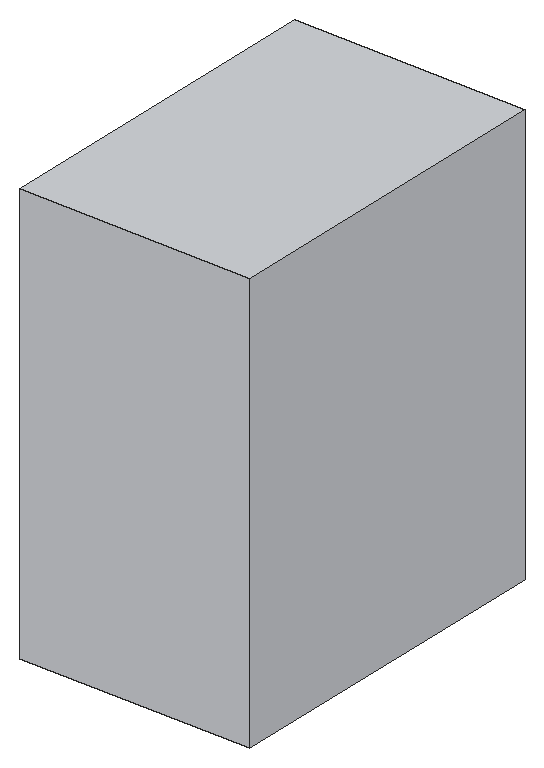
Revit family "M_Filtro AHU da cobertura", category Equipamento mecânico, Revit 2019
Family settings
  Cota do conector redondo = Utilizar diâmetro
  Tipo de parte = Normal
  Número OmniClass = 23.75.35.14
  Título OmniClass = Air Handling Units
  ID de item do Seek = Rooftop AHU Filter-0000-CAN-ENU
  Com base no plano de trabalho = Não
  Sempre na vertical = Sim
  Corte com vazios quando carregada = Não
  Compartilhado = Não
  Ponto de cálculo do ambiente = Não
Parameters (values of type "Filtro de ângulo - 700 L/s")
  Largura da unidade = Largura do duto  # 900 mm
  Comprimento da unidade = 600 mm
  Altura da unidade = Altura do duto  # 1100 mm
  Forma da peça = "Duto retangular"
  Modelo = "Tamanho do exterior 03"
  Largura do duto = 900 mm
  Altura do duto = 1100 mm
  Pressão do ar [instance] = 27.0 Pa
  Fluxo de ar [instance] = 700.0 L/s
Types (39, lengths in mm): name | Largura da unidade | Comprimento da unidade | Altura da unidade | Modelo | Largura do duto | Altura do duto | Fluxo de ar
  Filtro de ângulo - 700 L/s | 900 | 600 | 1100 | "Tamanho do exterior 03" | 900 | 1100 | 700.0 L/s
  Filtro de ângulo - 1900 L/s | 1450 | 600 | 1200 | "Tamanho do exterior 08" | 1450 | 1200 | 1900.0 L/s
  Filtro de ângulo - 2350 L/s | 1800 | 600 | 1200 | "Tamanho do exterior 10" | 1800 | 1200 | 2350.0 L/s
  Filtro de ângulo - 2800 L/s | 1800 | 600 | 1350 | "Tamanho do exterior 12" | 1800 | 1350 | 2800.0 L/s
  Filtro de ângulo - 3300 L/s | 1900 | 600 | 1350 | "Tamanho do exterior 14" | 1900 | 1350 | 3300.0 L/s
  Filtro de ângulo - 4000 L/s | 2100 | 600 | 1400 | "Tamanho do exterior 17" | 2100 | 1400 | 4000.0 L/s
  Filtro de ângulo - 4950 L/s | 2100 | 600 | 1700 | "Tamanho do exterior 21" | 2100 | 1700 | 42475.3 L/s
  Filtro de ângulo - 5900 L/s | 2250 | 600 | 1700 | "Tamanho do exterior 25" | 2250 | 1700 | 5900.0 L/s
  Filtro de ângulo - 7000 L/s | 2700 | 600 | 1700 | "Tamanho do exterior 30" | 2700 | 1700 | 7000.0 L/s
  Filtro plano - 4950 L/s | 2100 | 300 | 1700 | "Tamanho do exterior 21" | 2100 | 1700 | 4950.0 L/s
  Filtro plano - 5900 L/s | 2250 | 300 | 1700 | "Tamanho do exterior 25" | 2250 | 1700 | 5900.0 L/s
  Filtro plano - 700 L/s | 900 | 300 | 1100 | "Tamanho do exterior 03" | 900 | 1100 | 700.0 L/s
  Filtro plano - 7100 L/s | 2700 | 300 | 1700 | "Tamanho do exterior 30" | 2700 | 1700 | 7100.0 L/s
  Filtro plano - 1400 L/s | 1250 | 300 | 1100 | "Tamanho do exterior 06" | 1250 | 1100 | 1400.0 L/s
  Filtro plano - 1900 L/s | 1450 | 300 | 1200 | "Tamanho do exterior 08" | 1450 | 1200 | 1900.0 L/s
  Filtro plano - 2350 L/s | 1800 | 300 | 1200 | "Tamanho do exterior 10" | 1800 | 1200 | 2350.0 L/s
  Filtro plano - 2800 L/s | 1800 | 300 | 1350 | "Tamanho do exterior 12" | 1800 | 1350 | 2800.0 L/s
  Filtro plano - 3300 L/s | 1900 | 300 | 1350 | "Tamanho do exterior 14" | 1900 | 1350 | 3300.0 L/s
  Filtro plano - 4000 L/s | 2100 | 300 | 1400 | "Tamanho do exterior 17" | 2100 | 1400 | 4000.0 L/s
  Filtro de saco/cartucho - 4950 L/s | 2100 | 1050 | 1700 | "Tamanho do exterior 21" | 2100 | 1700 | 4950.0 L/s
  Filtro de saco/cartucho - 5900 L/s | 2250 | 1100 | 1700 | "Tamanho do exterior 25" | 2250 | 1700 | 5900.0 L/s
  Filtro de saco/cartucho - 700 L/s | 900 | 1100 | 1100 | "Tamanho do exterior 03" | 900 | 1100 | 700.0 L/s
  Filtro de saco/cartucho - 7100 L/s | 2700 | 1100 | 1700 | "Tamanho do exterior 30" | 2700 | 1700 | 7100.0 L/s
  Filtro de saco/cartucho - 1400 L/s | 1250 | 1100 | 1100 | "Tamanho do exterior 06" | 1250 | 1100 | 1400.0 L/s
  Filtro de saco/cartucho - 1900 L/s | 1450 | 1050 | 1150 | "Tamanho do exterior 08" | 1450 | 1150 | 1900.0 L/s
  Filtro de saco/cartucho - 2350 L/s | 1800 | 1100 | 1200 | "Tamanho do exterior 10" | 1800 | 1200 | 2350.0 L/s
  Filtro de saco/cartucho - 2800 L/s | 1800 | 1100 | 1350 | "Tamanho do exterior 12" | 1800 | 1350 | 2800.0 L/s
  Filtro de saco/cartucho - 3300 L/s | 1900 | 1100 | 1350 | "Tamanho do exterior 14" | 1900 | 1350 | 3300.0 L/s
  Filtro de saco/cartucho - 4000 L/s | 2100 | 1100 | 1400 | "Tamanho do exterior 17" | 2100 | 1400 | 4000.0 L/s
  Filtro HEPA - 4950 L/s | 2100 | 1200 | 1700 | "Tamanho do exterior 21" | 2100 | 1700 | 4950.0 L/s
  Filtro HEPA - 5900 L/s | 2250 | 1200 | 1700 | "Tamanho do exterior 25" | 2250 | 1700 | 5900.0 L/s
  Filtro HEPA - 700 L/s | 900 | 1200 | 1100 | "Tamanho do exterior 03" | 900 | 1100 | 700.0 L/s
  Filtro HEPA - 7100 L/s | 2700 | 1200 | 1700 | "Tamanho do exterior 30" | 2700 | 1700 | 7100.0 L/s
  Filtro HEPA - 1400 L/s | 1250 | 1200 | 1100 | "Tamanho do exterior 06" | 1250 | 1100 | 1400.0 L/s
  Filtro HEPA - 1900 L/s | 1450 | 1200 | 1200 | "Tamanho do exterior 08" | 1450 | 1200 | 1900.0 L/s
  Filtro HEPA - 2350 L/s | 1800 | 1200 | 1200 | "Tamanho do exterior 10" | 1800 | 1200 | 2350.0 L/s
  Filtro HEPA - 2800 L/s | 1800 | 1200 | 1350 | "Tamanho do exterior 12" | 1800 | 1350 | 2800.0 L/s
  Filtro HEPA - 3300 L/s | 1900 | 1200 | 1350 | "Tamanho do exterior 14" | 1900 | 1350 | 3300.0 L/s
  Filtro HEPA - 4000 L/s | 2100 | 1200 | 1400 | "Tamanho do exterior 17" | 2100 | 1400 | 4000.0 L/s
Reference planes
  plane 1 "Centro (Frente/Trás)": y = 0
  plane 2: z = 0
  plane 3 "Centro (Esquerda/Direita)": x = 0
  plane 4: x = -600
  plane 5: y = 900
  plane 6: z = 1100
Forms (mm)
  Extrusion 1, solid
    sketch origin (0, 0, 0) x (1, 0, 0) y (0, 1, 0)
      loop
        line (-600, 900) -> (-600, 0) -> (0, 0) -> (0, 900) -> (-600, 900)
    from 0 to 1100
Dimensions and locks
  "Largura da unidade": plane 5 to plane 1 "Centro (Frente/Trás)"
  "Comprimento da unidade": plane 4 to plane 3 "Centro (Esquerda/Direita)"
  "Altura da unidade": plane 6 to plane 2
  aligned and locked: plane 4 to Extrusion 1 sketch curve
  aligned and locked: Extrusion 1 sketch curve to plane 5
  aligned and locked: plane 1 "Centro (Frente/Trás)" to Extrusion 1 sketch curve
  aligned and locked: Extrusion 1 sketch curve to plane 3 "Centro (Esquerda/Direita)"
  aligned and locked: Extrusion 1 to plane 2
  aligned and locked: plane 6 to Extrusion 1
Connectors
  hvac at (-600, 450, 550), driven by "Fluxo de ar", driven by "Altura do duto", driven by "Largura do duto"
    settings: on Extrusion 1, index 1, duct flow 700.0 L/s, flow factor 0, pres drop 0.0 Pa, loss coef 0, conn angle 0.00°, conn width 900 mm, conn height 1100 mm, conn diameter 609.6 mm, duct sys type 1, conn prof type 1, flow config 0, flow direction 0, loss method 4, conn ref index 2, conn util no, is conn primary yes, conn desc ""
  hvac at (0, 450, 550), driven by "Pressão do ar", driven by "Fluxo de ar", driven by "Altura do duto", driven by "Largura do duto"
    settings: on Extrusion 1, index 2, duct flow 700.0 L/s, flow factor 0, pres drop 27.0 Pa, loss coef 0, conn angle 0.00°, conn width 900 mm, conn height 1100 mm, conn diameter 609.6 mm, duct sys type 1, conn prof type 1, flow config 0, flow direction 0, loss method 4, conn ref index 1, conn util no, is conn primary no, conn desc ""
